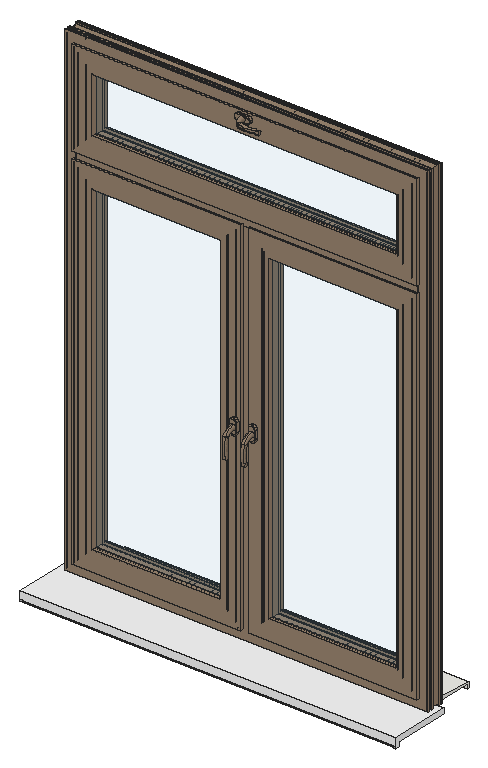
Revit family "5_Окно двухстворчатое с горизонтальным импостом (2 створки внизу)_V72", category Окна, Revit 2019
Family settings
  Основа = Стена
  Номер OmniClass = 23.30.20.17.11
  Заголовок OmniClass = Fixed Windows
  Всегда вертикально = Да
  При загрузке вырезать с полостями = Нет
  Общий = Нет
  Точка расчета площади = Нет
Parameters (values of type "V72")
  Ширина створки прав [instance] = 750.00 mm
  Ширина створки лев [instance] = 750.00 mm
  Width [instance] = 0.00 mm  # constant formula
  Четверть.Ширина [instance] = 65.00 mm
  Четверть.Высота [instance] = 65.00 mm
  Четверть Правая.Видимость [instance] = yes
  Четверть Правая [instance] = if(and(Четверть Правая.Видимость, Четверть), Четверть.Ширина, 0.00 mm)  # 65.00 mm
  Четверть Левая.Видимость [instance] = yes
  Четверть Левая [instance] = if(and(Четверть Левая.Видимость, Четверть), Четверть.Ширина, 0.00 mm)  # 65.00 mm
  Четверть [instance] = yes
  Четверть.Верхняя [instance] = if(Четверть, Четверть.Высота, 0.00 mm)  # 65.00 mm
  Монтажный зазор спереди [instance] = 30.00 mm
  Монтаж.зазор Низ [instance] = 40.00 mm
  Монтажный зазор.Верх [instance] = 25.00 mm
  VIDNAL_Ширина проема [instance] = ADSK_Ширина рамы + Монтажный зазор.Правый + Монтажный зазор.Левый  # 1550.00 mm
  VIDNAL_Цвет конструкции = ""
  VIDNAL_Фурнитура [instance] = ""
  VIDNAL_Формула стеклопакета [instance] = ""
  VIDNAL_Толщина стеклопакета [instance] = ""
  VIDNAL_Сопротивление ветровой нагрузке = ""
  VIDNAL_Система профилей [instance] = "V72"  # constant formula
  VIDNAL_Площадь изделия [instance] = ADSK_Ширина рамы * ADSK_Высота рамы  # 3.00 m²
  VIDNAL_Звукоизоляция [instance] = ""
  VIDNAL_Высота проема [instance] = ADSK_Высота рамы + Монтажный зазор.Верх + Монтаж.зазор Низ  # 2065.00 mm
  VIDNAL_Створка высота [instance] = 1500.00 mm
  Глубина профиля [instance] = 72.00 mm
  Rough Width = 0.00 mm  # constant formula
  Rough Height = 0.00 mm  # constant formula
  Подоконник.Видимость [instance] = yes
  Подоконник = АС_Окна_ПВХСветлосерыйМатовый
  Отлив.Видимость [instance] = yes
  Откосы.Глубина [instance] = 150.00 mm
  Описание = "Окно"
  Обозначение = "ГОСТ 21519-2003"
  Наименование = ""
  Монтажный зазор.Правый [instance] = if(Четверть Правая.Видимость, Монтажный зазор.Боковой, 0.00 mm)  # 25.00 mm
  Монтажный зазор.Левый [instance] = if(Четверть Левая.Видимость, Монтажный зазор.Боковой, 0.00 mm)  # 25.00 mm
  Монтажный зазор.Боковой [instance] = 25.00 mm
  Марка проема [instance] = ""
  Model = ""
  Стекло = АС_Стекло
  Рама = Алюминий
  Отлив = АС_Металл_ОкрашенныйБелыйМатовый
  Type Comments = ""
  Assembly Code = ""
  Высота подоконника по умолчанию = 800.00 mm
  Wall Closure = (empty or 0)
  Height [instance] = 0.00 mm  # constant formula
  Аналитическая конструкция = "<Нет>"
  VIDNAL_Возухопроницаемость [instance] = ""
  VIDNAL_Водонепроницаемость [instance] = ""
  VIDNAL_Rприв. профиля со стеклопакетом [instance] = ""
  ADSK_Ширина рамы [instance] = 1500.00 mm
  ADSK_Позиция [instance] = ""
  ADSK_Завод-изготовитель [instance] = "VIDNAL"  # constant formula
  ADSK_Высота рамы [instance] = 2000.00 mm
Reference planes
  plane 1 "ПД": y = -40
  plane 2: z = 0
  plane 3 "Слева": x = -988.1
  plane 4 "Справа": x = 561.9
  plane 5 "Подоконник": z = 800
  plane 6 "ВЕРХ": z = 2865
  plane 7 "Внутренняя": y = -190
  plane 8 "Вставка окна": y = 32
  plane 9 "четверть прав": x = 496.9
  plane 10 "четверть верх": z = 2800
  plane 11 "рама лев": x = -963.1
  plane 12 "рама прав": x = 536.9
  plane 13 "рама верх": z = 2840
  plane 14: y = -240
  plane 15 "Подоконник, отлив": y = 12
  plane 16: y = 190
  plane 17 "отлив прав": y = 220
  plane 18 "TT": y = 62
  plane 19 "ось импоста гор": z = 2392.498
  plane 20 "рама низ": z = 840
  plane 21 "створка лев": x = -925.852
  plane 22: x = -228.35
  plane 23 "низ створки ниж": z = 877.248
  plane 24 "верх створки ниж": z = 2377.248
  plane 25: x = -197.85
  plane 26 "створка прав": x = 499.652
  plane 27 "низ створки верхней": z = 2407.748
  plane 28 "верх створки верхн": z = 2802.752
  plane 29 "четверть левая": x = -923.1
  plane 30 "уровень отлива": z = 820
  plane 31 "осевая": x = -213.1
Forms (mm)
  Extrusion 1, void, detail levels medium+fine
    sketch origin (0, 62, 0) x (0, 0, 1) y (-1, 0, 0)
      loop
        line (2865, -561.9) -> (2865, 988.1) -> (800, 988.1) -> (800, -561.9) -> (2865, -561.9)
    from 0 to 1000
  Extrusion 2, void
    sketch origin (0, 32, 0) x (0, 0, -1) y (-1, 0, 0)
      loop
        line (-2800, -496.9) -> (-800, -496.9) -> (-800, 923.1) -> (-2800, 923.1) -> (-2800, -496.9)
    from -100 to 500
  Sweep 3, solid, material "Алюминий" <- "Рама"
    path origin (0, 32, -30) x (0, 0, -1) y (-1, 0, 0)
      loop
        line (-2870, 963.1) -> (-2870, -536.9) -> (-870, -536.9) -> (-870, 963.1) -> (-2870, 963.1)
    profile "Профиль рамы V72 (R19) : Профиль рамы V72 (R19)" origin (-963.1, 32, 1840) x (-1, 0, 0) y (0, 1, 0)
      loop
        line (-37.021, -25.058) -> (-7.134, -25.058) -> (-7.134, -14) -> (-37.021, -14) -> (-37.021, -25.058)
      loop
        line (-37.021, -48) -> (-7.134, -48) -> (-7.134, -39.591) -> (-37.021, -39.591) -> (-37.021, -48)
      loop
        line (-37.021, -38.383) -> (-7.134, -38.383) -> (-7.134, -26.243) -> (-37.021, -26.243) -> (-37.021, -38.383)
      loop
        line (-7, -12.3) -> (-7, -1.5) -> (-37.498, -1.5) -> (-37.498, -12.3) -> (-7, -12.3)
      loop
        line (-6.748, -70.25) -> (-6.748, -49.75) -> (-37.248, -49.75) -> (-37.248, -70.25) -> (-6.748, -70.25)
      loop
        line (0.002, -72) -> (0.002, -67.879) -> (-1.998, -67.879) -> (-1.998, -70.25) -> (-4.998, -70.25) -> (-4.998, -52) -> (-1.998, -52) -> (-1.998, -53.5) -> (0.002, -53.5) -> (0.002, -48) -> (-1.998, -48) -> (-1.998, -50.25) -> (-4.996, -50.25) -> (-4.996, -13.988) -> (-1.997, -14) -> (-1.997, -15.5) -> (0.003, -15.5) -> (0.003, -11.5) -> (-1.497, -11.5) -> (-1.497, -12.5) -> (-5, -12.5) -> (-5, -1.5) -> (-1.5, -1.5) -> (-1.5, -2.5) -> (0, -2.5) -> (0, 0) -> (-65.998, 0) -> (-65.998, -4.2) -> (-58.998, -4.2) -> (-58.998, -1.5) -> (-38.998, -1.5) -> (-38.998, -12.5) -> (-41.998, -12.5) -> (-41.998, -10.908) -> (-43.998, -10.908) -> (-43.998, -15.5) -> (-41.998, -15.5) -> (-41.998, -14) -> (-38.998, -14) -> (-38.998, -50.25) -> (-41.998, -50.25) -> (-41.998, -48.52) -> (-43.998, -48.5) -> (-43.998, -53.5) -> (-41.998, -53.5) -> (-41.998, -52) -> (-38.998, -52) -> (-38.998, -70.25) -> (-41.998, -70.25) -> (-41.998, -67.978) -> (-43.998, -67.978) -> (-43.998, -72) -> (0.002, -72)
  Sweep 4, solid, material "Алюминий" <- "Рама"
    path origin (125, 32, 0) x (0, 0, -1) y (-1, 0, 0)
      loop
        line (-2370.498, 338.1) -> (-883.998, 338.1)
    profile "Профиль импоста : Профиль импоста" origin (-213.1, 32, 1627.248) x (-1, 0, 0) y (0, 1, 0)
      loop
        line (-15.25, -10) -> (-15.25, -48) -> (15.25, -48) -> (15.25, -10) -> (-15.25, -10)
      loop
        line (-15.25, -49.75) -> (-15.25, -70.25) -> (15.25, -70.25) -> (15.25, -49.75) -> (-15.25, -49.75)
      loop
        line (-15.25, -1.75) -> (-15.25, -8.25) -> (15.25, -8.25) -> (15.25, -1.75) -> (-15.25, -1.75)
      loop
        line (-44, 0) -> (-44, -4.2) -> (-35.5, -4.2) -> (-35.5, -1.5) -> (-17, -1.5) -> (-17, -8.5) -> (-20, -8.5) -> (-20, -7.5) -> (-22, -7.5) -> (-22, -11.5) -> (-20, -11.5) -> (-20, -10) -> (-17, -10) -> (-17, -14.231) -> (-20.5, -14.231) -> (-20.5, -18.313) -> (-18.5, -18.313) -> (-18.5, -16.063) -> (-17, -16.063) -> (-17, -33.174) -> (-18.5, -33.174) -> (-18.5, -30.924) -> (-20.5, -30.924) -> (-20.5, -35.006) -> (-17, -35.006) -> (-17, -50.25) -> (-20, -50.25) -> (-20, -48) -> (-22, -48) -> (-22, -54.8) -> (-20, -54.8) -> (-20, -52.31) -> (-17, -52.31) -> (-17, -70.25) -> (-20, -70.25) -> (-20, -66.8) -> (-22, -66.8) -> (-22, -72) -> (22, -72) -> (22, -66.8) -> (20, -66.8) -> (20, -70.25) -> (17, -70.25) -> (17, -52.31) -> (20, -52.31) -> (20, -54.8) -> (22, -54.8) -> (22, -48) -> (20, -48) -> (20, -50.25) -> (17, -50.25) -> (17, -35.006) -> (20.5, -35.006) -> (20.5, -30.924) -> (18.5, -30.924) -> (18.5, -33.174) -> (17, -33.174) -> (17, -16.063) -> (18.5, -16.063) -> (18.5, -18.313) -> (20.5, -18.313) -> (20.5, -14.231) -> (17, -14.231) -> (17, -10) -> (20, -10) -> (20, -11.5) -> (22, -11.5) -> (22, -7.5) -> (20, -7.5) -> (20, -8.5) -> (17, -8.5) -> (17, -1.5) -> (35.5, -1.5) -> (35.5, -4.2) -> (44, -4.2) -> (44, 0) -> (-44, 0)
  Sweep 5, solid, material "Алюминий" <- "Рама"
    path origin (0, 32, 0) x (0, 0, -1) y (-1, 0, 0)
      loop
        line (-2392.498, 919.102) -> (-2392.498, -492.902)
    profile "Профиль импоста : Профиль импоста" origin (-213.1, 32, 2392.498) x (0, 0, -1) y (0, 1, 0)
      loop
        line (-15.25, -10) -> (-15.25, -48) -> (15.25, -48) -> (15.25, -10) -> (-15.25, -10)
      loop
        line (-15.25, -49.75) -> (-15.25, -70.25) -> (15.25, -70.25) -> (15.25, -49.75) -> (-15.25, -49.75)
      loop
        line (-15.25, -1.75) -> (-15.25, -8.25) -> (15.25, -8.25) -> (15.25, -1.75) -> (-15.25, -1.75)
      loop
        line (-44, 0) -> (-44, -4.2) -> (-35.5, -4.2) -> (-35.5, -1.5) -> (-17, -1.5) -> (-17, -8.5) -> (-20, -8.5) -> (-20, -7.5) -> (-22, -7.5) -> (-22, -11.5) -> (-20, -11.5) -> (-20, -10) -> (-17, -10) -> (-17, -14.231) -> (-20.5, -14.231) -> (-20.5, -18.313) -> (-18.5, -18.313) -> (-18.5, -16.063) -> (-17, -16.063) -> (-17, -33.174) -> (-18.5, -33.174) -> (-18.5, -30.924) -> (-20.5, -30.924) -> (-20.5, -35.006) -> (-17, -35.006) -> (-17, -50.25) -> (-20, -50.25) -> (-20, -48) -> (-22, -48) -> (-22, -54.8) -> (-20, -54.8) -> (-20, -52.31) -> (-17, -52.31) -> (-17, -70.25) -> (-20, -70.25) -> (-20, -66.8) -> (-22, -66.8) -> (-22, -72) -> (22, -72) -> (22, -66.8) -> (20, -66.8) -> (20, -70.25) -> (17, -70.25) -> (17, -52.31) -> (20, -52.31) -> (20, -54.8) -> (22, -54.8) -> (22, -48) -> (20, -48) -> (20, -50.25) -> (17, -50.25) -> (17, -35.006) -> (20.5, -35.006) -> (20.5, -30.924) -> (18.5, -30.924) -> (18.5, -33.174) -> (17, -33.174) -> (17, -16.063) -> (18.5, -16.063) -> (18.5, -18.313) -> (20.5, -18.313) -> (20.5, -14.231) -> (17, -14.231) -> (17, -10) -> (20, -10) -> (20, -11.5) -> (22, -11.5) -> (22, -7.5) -> (20, -7.5) -> (20, -8.5) -> (17, -8.5) -> (17, -1.5) -> (35.5, -1.5) -> (35.5, -4.2) -> (44, -4.2) -> (44, 0) -> (-44, 0)
  Extrusion 6, solid, material "АС_Окна_ПВХСветлосерыйМатовый" <- "Подоконник", visible <- "Подоконник.Видимость"
    sketch origin (906.9, -410, 45) x (0, 0, 1) y (0, -1, 0)
      loop
        line (795, -422) -> (795, -170) -> (762, -170)
        arc (762, -170) -> (757.05, -172.05) -> (755, -177) r 7
        line (755, -177) -> (755, -188.375) -> (775, -188.375) -> (775, -422) -> (795, -422)
    from -345 to -1895
  Extrusion 7, solid, material "АС_Металл_ОкрашенныйБелыйМатовый" <- "Отлив", visible <- "Отлив.Видимость"
    sketch origin (-918.1, 42.774, 211.776) x (0, 1, 0) y (0, 0, 1)
      loop
        line (-30.774, 608.224) -> (172.226, 608.224) -> (172.226, 588.224) -> (177.226, 588.224) -> (177.226, 611.937) -> (-30.774, 625.05) -> (-30.774, 608.224)
    from -5 to 1415
Cuts and joins
  joined: Sweep 3, Sweep 4
Lines and regions (mm)
  Masking region 1
    outline origin (0, 0, 0) x (1, 0, 0) y (0, 1, 0)
      loop
        line (-988.1, 12) -> (-988.1, -190) -> (561.9, -190) -> (561.9, 12) -> (-988.1, 12)
  symbolic lines, style "WindowsFrameMullionProjection", detail levels fine
    curve 1: line (-163.1, 32, 800) -> (-163.1, -40, 800)
    curve 3: line (-163.1, -40, 840) -> (-163.1, 32, 840)
    curve 5: line (-163.1, 32, 2865) -> (-163.1, -40, 2865)
    curve 7: line (-163.1, -40, 2840) -> (-163.1, 32, 2840)
  symbolic lines, style "WindowsFrameMullionProjection"
    curve 2: line (-163.1, 32, 840) -> (-163.1, 32, 800)
    curve 4: line (-163.1, -40, 800) -> (-163.1, -40, 840)
    curve 6: line (-163.1, 32, 2840) -> (-163.1, 32, 2865)
    curve 8: line (-163.1, -40, 2865) -> (-163.1, -40, 2840)
    curve 11: line (-988.1, 32, 0) -> (-988.1, -40, 0)
    curve 12: line (561.9, 32, 0) -> (561.9, -40, 0)
  symbolic lines, style "WindowsFrameMullionProjection", detail levels coarse
    curve 9: line (561.9, 32, 2865) -> (561.9, 32, 800)
    curve 10: line (561.9, -40, 2865) -> (561.9, -40, 800)
Text (mm)
  text "Наружный" at (-2011.448, 646.123, 0), in view "Линия этажа"
  text "Внутренний" at (-2011.448, -562.523, 0), in view "Линия этажа"
  text "Наружный" at (0, 1108.87, 3415.022), in view "Слева"
  text "Наружный" at (0, 464.664, 3176.206), in view "Справа"
Dimensions and locks
  plane 3 "Слева" to plane 4 "Справа" = 1550.00 mm
  "Монтажный зазор.Правый": plane 12 "рама прав" to plane 4 "Справа"
  plane 5 "Подоконник" to plane 5 "Подоконник" = 0.00 mm
  "Высота подоконника по умолчанию": plane 5 "Подоконник" to plane 2
  "Четверть.Верхняя": plane 10 "четверть верх" to plane 6 "ВЕРХ"
  "ADSK_Ширина рамы": plane 11 "рама лев" to plane 12 "рама прав"
  "Четверть Правая": plane 9 "четверть прав" to plane 4 "Справа"
  "Глубина профиля": plane 8 "Вставка окна" to plane 1 "ПД"
  "Откосы.Глубина": plane 1 "ПД" to plane 7 "Внутренняя"
  locked: plane 14 to plane 7 "Внутренняя" at 50
  "Монтажный зазор.Левый": plane 3 "Слева" to plane 11 "рама лев"
  "Монтажный зазор.Верх": plane 13 "рама верх" to plane 6 "ВЕРХ"
  locked: plane 8 "Вставка окна" to plane 15 "Подоконник, отлив" at 20
  plane 18 "TT" to plane 8 "Вставка окна" = 30.00 mm
  "Монтаж.зазор Низ": plane 20 "рама низ" to plane 5 "Подоконник"
  locked: plane 11 "рама лев" to plane 21 "створка лев" at 37.248
  "VIDNAL_Створка высота": plane 24 "верх створки ниж" to plane 23 "низ створки ниж"
  locked: plane 23 "низ створки ниж" to plane 20 "рама низ" at 37.248
  locked: plane 19 "ось импоста гор" to plane 24 "верх створки ниж" at 15.25
  locked: plane 26 "створка прав" to plane 12 "рама прав" at 37.248
  "ADSK_Высота рамы": plane 13 "рама верх" to plane 20 "рама низ"
  plane 27 "низ створки верхней" to plane 19 "ось импоста гор" = 15.25 mm
  locked: plane 13 "рама верх" to plane 28 "верх створки верхн" at 37.248
  "Четверть Левая": plane 3 "Слева" to plane 29 "четверть левая"
  "Монтажный зазор спереди": plane 8 "Вставка окна" to plane 18 "TT"
  locked: plane 20 "рама низ" to plane 30 "уровень отлива" at 20
  Extrusion 6 sketch curve to Extrusion 6 sketch curve = 40.00 mm
  Extrusion 6 sketch curve to Extrusion 6 sketch curve = 20.00 mm
  plane 16 to plane 17 "отлив прав" = 30.00 mm
  locked: Extrusion 7 to Extrusion 7 at 5
  "Ширина створки лев": plane 11 "рама лев" to plane 31 "осевая"
  "Ширина створки прав": plane 31 "осевая" to plane 12 "рама прав"
  plane 22 to plane 31 "осевая" = 15.25 mm
  plane 31 "осевая" to plane 25 = 15.25 mm
  aligned and locked: plane 7 "Внутренняя" to host wall
  aligned and locked: plane 9 "четверть прав" to Extrusion 2 sketch curve
  aligned and locked: Extrusion 2 sketch curve to plane 10 "четверть верх"
  aligned and locked: plane 5 "Подоконник" to Extrusion 2 sketch curve
  aligned: Extrusion 2 sketch curve to plane 3 "Слева"
  aligned and locked: curve 1 to plane 5 "Подоконник"
  aligned and locked: curve 2 to plane 8 "Вставка окна"
  aligned and locked: curve 4 to plane 1 "ПД"
  aligned and locked: curve 5 to plane 6 "ВЕРХ"
  aligned and locked: plane 8 "Вставка окна" to curve 6
  aligned and locked: curve 7 to plane 13 "рама верх"
  aligned and locked: plane 1 "ПД" to curve 8
  aligned and locked: plane 4 "Справа" to curve 12
  aligned and locked: level to plane 2
  aligned and locked: plane 12 "рама прав" to Sweep 3 sketch curve
  aligned and locked: plane 11 "рама лев" to Sweep 3 sketch curve
  aligned and locked: Masking region 1 sketch curve to plane 3 "Слева"
  aligned and locked: plane 7 "Внутренняя" to Masking region 1 sketch curve
  aligned and locked: plane 4 "Справа" to Masking region 1 sketch curve
  aligned and locked: Sweep 5 sketch curve to plane 19 "ось импоста гор"
  aligned and locked: nested 1 to plane 8 "Вставка окна"
  aligned and locked: plane 13 "рама верх" to Sweep 3 sketch curve
  aligned and locked: Sweep 3 sketch curve to plane 20 "рама низ"
  aligned and locked: plane 8 "Вставка окна" to nested 2
  aligned and locked: nested 3 to plane 8 "Вставка окна"
  aligned and locked: plane 29 "четверть левая" to Extrusion 2 sketch curve
  aligned and locked: plane 15 "Подоконник, отлив" to Masking region 1 sketch curve
  aligned and locked: Extrusion 6 to plane 15 "Подоконник, отлив"
  aligned and locked: Extrusion 6 to plane 14
  aligned and locked: Extrusion 6 to plane 4 "Справа"
  aligned and locked: plane 3 "Слева" to Extrusion 6
  aligned and locked: plane 17 "отлив прав" to Extrusion 7
  aligned and locked: plane 15 "Подоконник, отлив" to Extrusion 7
  aligned and locked: plane 29 "четверть левая" to Extrusion 7
  aligned and locked: Extrusion 7 to plane 9 "четверть прав"
  aligned and locked: cut or joined group of Sweep 3, Sweep 4 to Sweep 5 sketch curve  (x2)
  aligned and locked: nested 3 to Sweep 5
  aligned and locked: cut or joined group of Sweep 3, Sweep 4 to Sweep 4 sketch curve
  aligned and locked: nested 2 to cut or joined group of Sweep 3, Sweep 4  (x2)
  aligned and locked: plane 23 "низ створки ниж" to nested 2
  aligned and locked: nested 1 to plane 23 "низ створки ниж"
  aligned and locked: plane 28 "верх створки верхн" to nested 3
  aligned and locked: nested 3 to nested 3  (x2)
  aligned and locked: Sweep 4 sketch curve to plane 31 "осевая"
  aligned and locked: plane 24 "верх створки ниж" to nested 2
  aligned and locked: plane 24 "верх створки ниж" to nested 1
  aligned and locked: plane 27 "низ створки верхней" to nested 3
  aligned and locked: nested 3 to plane 27 "низ створки верхней"
  aligned and locked: Sweep 5 to Sweep 4 sketch curve
  aligned and locked: plane 1 "ПД" to cut or joined group of Sweep 3, Sweep 4
  aligned and locked: nested 3 to cut or joined group of Sweep 3, Sweep 4
  aligned and locked: nested 1 to cut or joined group of Sweep 3, Sweep 4  (x2)
  aligned and locked: plane 26 "створка прав" to nested 3
  aligned and locked: plane 25 to nested 2
  aligned and locked: plane 22 to nested 1
  aligned and locked: plane 21 "створка лев" to nested 3
Automatic sketch dimensions
  plane 4 "Справа" to Extrusion 1 sketch curve = 0.00 mm
  Extrusion 1 sketch curve to plane 5 "Подоконник" = 0.00 mm
  Extrusion 1 sketch curve to plane 6 "ВЕРХ" = 0.00 mm
  plane 3 "Слева" to Extrusion 1 sketch curve = 0.00 mm
  plane 1 "ПД" to curve 11 = 0.00 mm
  curve 11 to plane 3 "Слева" = 0.00 mm
  plane 1 "ПД" to curve 12 = 0.00 mm
  curve 12 to plane 8 "Вставка окна" = 0.00 mm
  curve 11 to plane 8 "Вставка окна" = 0.00 mm
  curve 6 to plane 8 "Вставка окна" = 0.00 mm
  curve 3 to plane 20 "рама низ" = 0.00 mm
  plane 5 "Подоконник" to curve 9 = 0.00 mm
  curve 9 to plane 8 "Вставка окна" = 0.00 mm
  curve 10 to plane 1 "ПД" = 0.00 mm
  plane 5 "Подоконник" to curve 10 = 0.00 mm
  plane 6 "ВЕРХ" to curve 10 = 0.00 mm
  plane 6 "ВЕРХ" to curve 9 = 0.00 mm
  plane 5 "Подоконник" to Extrusion 6 sketch curve = 0.00 mm
  Extrusion 6 sketch curve to plane 14 = 0.00 mm
  Extrusion 6 sketch curve to plane 15 "Подоконник, отлив" = 0.00 mm
  Extrusion 6 sketch curve to plane 5 "Подоконник" = 7.00 mm
  Extrusion 6 sketch curve to Extrusion 6 sketch curve = 11.375 mm
  Extrusion 7 sketch curve to plane 15 "Подоконник, отлив" = 0.00 mm
  Extrusion 7 sketch curve to plane 5 "Подоконник" = 20.00 mm
  plane 17 "отлив прав" to Extrusion 7 sketch curve = 5.00 mm
  Extrusion 7 sketch curve to plane 17 "отлив прав" = 0.00 mm
  Extrusion 7 sketch curve to Extrusion 7 sketch curve = 20.00 mm
  Extrusion 7 sketch curve to plane 5 "Подоконник" = 23.713 mm
  plane 30 "уровень отлива" to Extrusion 7 sketch curve = 16.826 mm
Nested families
  nested 1: "СТВОРКА V72" at (-925.852, 32, 877.248), type "Поворотно-откидная лево"
    with Створка.Ширина 697.502 mm, Створка.Высота 1500.00 mm
  nested 2: "СТВОРКА V72" at (-197.85, 32, 877.248), type "Поворотно-откидная право"
    with Створка.Ширина 697.502 mm, Створка.Высота 1500.00 mm
  nested 3: "СТВОРКА V72" at (-925.852, 32, 2407.748), type "Фрамуга с верхним откидыванием"
    with Створка.Ширина 1425.505 mm, Створка.Высота 395.005 mm
Definition of nested family "СТВОРКА V72"
  Parameters (values of type "Поворотно-откидная право")
    отк нз = no
    отк лев = no
    отк ввер = yes
    от пр = yes
    Стекло = none
    Створка.Ширина [instance] = 600.00 mm
    Створка.Высота [instance] = 900.00 mm
    Створка VIDNAL = none
    Ручка.Справа = no
    Ручка.Снизу = no
    Ручка.Слева = yes
    Ручка.Сверху = no
    Открытие = not(Глухая)  # yes
    Глухая = no
    Габариты заполнения = 0.00 mm
    Analytic Construction = "<Нет>"
  Types (7, lengths in mm): name | отк нз | отк лев | отк ввер | от пр | Ручка.Справа | Ручка.Снизу | Ручка.Слева | Ручка.Сверху | Открытие | Глухая
    Глухая | no | no | no | no | no | no | no | no | no | yes
    Поворотная право | no | no | no | yes | no | no | yes | no | yes | no
    Поворотная лево | no | yes | no | no | yes | no | no | no | yes | no
    Поворотно-откидная лево | no | yes | yes | no | yes | no | no | no | yes | no
    Поворотно-откидная право | no | no | yes | yes | no | no | yes | no | yes | no
    Фрамуга с нижним откидыванием | yes | no | no | no | no | yes | no | no | yes | no
    Фрамуга с верхним откидыванием | no | no | yes | no | no | no | no | yes | yes | no
  Reference planes
    plane 1 "Center (Front/Back)": y = 0
    plane 2 "Bottom": z = 0
    plane 3 "Left": x = 0
    plane 4 "Right": x = 600
    plane 5 "Top": z = 900
    plane 6: z = 450
    plane 7: x = 300
    plane 8: x = 0
    plane 9: x = 600
    plane 10: y = -17.2
    plane 11: y = -57.2
    plane 12: z = 900
    plane 13: z = 0
    plane 14: y = -81
    plane 15: y = -17.2
  Forms (mm)
    Extrusion 1, solid, material <- "Стекло"
      sketch origin (160, -17.2, 825.5) x (0, 0, -1) y (-1, 0, 0)
        loop
          line (825.5, 160) -> (-74.5, 160) -> (-74.5, -440) -> (825.5, -440) -> (825.5, 160)
      from -40 to 0
    Sweep 2, solid, material <- "Створка VIDNAL", visible <- "Открытие"
      path origin (0, 0, 0) x (1, 0, 0) y (0, 0, 1)
        loop
          line (0, 900) -> (0, 0) -> (600, 0) -> (600, 900) -> (0, 900)
      profile "Профиль створки V72 : Профиль створки V72" origin (300, 0, 900) x (0, 0, 1) y (0, -1, 0)
        loop
          line (-27.1, 14.3) -> (-57.6, 14.3) -> (-57.6, 1.5) -> (-37, 1.5) -> (-37, 7) -> (-27.1, 7) -> (-27.1, 14.3)
        loop
          line (-57.508, 23.909) -> (-57.508, 16) -> (-31.105, 16) -> (-31.105, 23.909) -> (-57.508, 23.909)
        loop
          line (-57.508, 26.549) -> (-31.105, 26.549) -> (-31.105, 36.954) -> (-57.508, 36.954) -> (-57.508, 26.549)
        loop
          line (-57.514, 39.773) -> (-31.105, 39.773) -> (-31.105, 50) -> (-57.514, 50) -> (-57.514, 39.773)
        loop
          line (-56, 79.25) -> (-59, 79.25) -> (-59, 76.151) -> (-62.7, 76.151) -> (-62.7, 79.6) -> (-81.6, 79.6) -> (-81.6, 65.6) -> (-76, 65.6) -> (-66, 63.8) -> (-59, 63.8) -> (-59, 59) -> (-56, 59) -> (-56, 79.25)
        loop
          line (-18.843, 32.487) -> (-29.504, 32.487) -> (-29.504, 24.689) -> (-18.843, 24.689) -> (-18.843, 32.487)
        loop
          line (-18.87, 44.01) -> (-29.504, 44.01) -> (-29.504, 33.802) -> (-18.87, 33.802) -> (-18.87, 44.01)
        loop
          line (-23.75, 79.25) -> (-54.25, 79.25) -> (-54.25, 58.75) -> (-51.75, 58.75) -> (-51.75, 57) -> (-57.75, 57) -> (-57.75, 51.75) -> (-23.75, 51.75) -> (-23.75, 57) -> (-25.75, 57) -> (-25.75, 58.75) -> (-23.75, 58.75) -> (-23.75, 79.25)
        loop
          line (-3.5, 76.8) -> (-3.5, 72) -> (0, 72) -> (0, 76.8) -> (0, 81) -> (-1, 81) -> (-83.302, 81) -> (-83.302, 61.361) -> (-76, 61.21) -> (-76, 64.381) -> (-66.107, 62.5) -> (-61, 62.5) -> (-61, 57) -> (-59.5, 57) -> (-59.5, 1.5) -> (-75, 1.5) -> (-81.5, 8) -> (-81.5, 13.054) -> (-74.5, 13.054) -> (-74.5, 17.2) -> (-83, 17.2) -> (-83, 7) -> (-76, 0) -> (-35.5, 0) -> (-35.5, 5.5) -> (-28, 5.5) -> (-28, 4.195) -> (-21, 4.195) -> (-21, 5.5) -> (-25.5, 5.5) -> (-25.5, 23.5) -> (-17.5, 23.5) -> (-17.5, 45.156) -> (-25.2, 45.156) -> (-25.2, 50) -> (-17.5, 50) -> (-17.5, 54.5) -> (-19, 54.5) -> (-19, 52) -> (-22, 52) -> (-22, 72) -> (-19, 72) -> (-19, 69.5) -> (-17.5, 69.5) -> (-17.5, 74) -> (-22, 74) -> (-22, 79.25) -> (-7, 79.25) -> (-7, 76.8) -> (-3.5, 76.8)
  Lines and regions (mm)
    symbolic lines, visible <- "Глухая"
      curve 1: line (300, 0, 500) -> (300, 0, 400)
      curve 2: line (250, 0, 450) -> (350, 0, 450)
    symbolic lines, visible <- "от пр"
      curve 3: line (583, -75, 883) -> (17, -75, 450)
      curve 4: line (17, -75, 450) -> (583, -75, 17)
    symbolic lines, visible <- "отк лев"
      curve 5: line (17, -75, 17) -> (583, -75, 450)
      curve 6: line (583, -75, 450) -> (17, -75, 883)
    symbolic lines, visible <- "отк ввер"
      curve 7: line (17, -75, 17) -> (300, -75, 883)
      curve 8: line (300, -75, 883) -> (583, -75, 17)
    symbolic lines, visible <- "отк нз"
      curve 9: line (17, -75, 883) -> (300, -75, 17)
      curve 10: line (300, -75, 17) -> (583, -75, 883)
  Dimensions and locks
    "Створка.Ширина": plane 4 "Right" to plane 3 "Left"
    "Створка.Высота": plane 5 "Top" to plane 2 "Bottom"
    equal spacing: plane 3 "Left", curve 1, plane 4 "Right"
    equal spacing: plane 5 "Top", curve 2, plane 2 "Bottom"
    curve 1 to curve 2 to curve 1 = 50.00 mm locked, 50.00 mm locked
    curve 2 to curve 1 to curve 2 = 50.00 mm locked, 50.00 mm locked
    equal spacing: plane 5 "Top", plane 6, plane 2 "Bottom"
    equal spacing: plane 4 "Right", plane 7, plane 3 "Left"
    locked: plane 5 "Top" to nested 1 at 23
    "Габариты заполнения": plane 3 "Left" to plane 8
    "Габариты заполнения": plane 9 to plane 4 "Right"
    "Габариты заполнения": plane 13 to plane 2 "Bottom"
    "Габариты заполнения": plane 5 "Top" to plane 12
    locked: nested 4 to plane 2 "Bottom" at 23
    locked: nested 3 to plane 4 "Right" at 23
    locked: plane 3 "Left" to nested 2 at 23
    plane 15 to Extrusion 1 = 40.00 mm
    aligned and locked: level to plane 2 "Bottom"
    aligned and locked: plane 6 to curve 4
    aligned and locked: plane 6 to curve 6
    aligned and locked: plane 7 to curve 8
    aligned and locked: plane 7 to curve 10
    aligned and locked: plane 3 "Left" to Sweep 2 sketch curve
    aligned and locked: plane 4 "Right" to Sweep 2 sketch curve
    aligned and locked: Extrusion 1 to plane 8
    aligned and locked: Extrusion 1 to plane 10
    aligned and locked: Extrusion 1 to plane 11
    aligned and locked: nested 1 to plane 7
    aligned and locked: plane 9 to Extrusion 1
    aligned and locked: plane 12 to Extrusion 1
    aligned and locked: nested 3 to plane 6
    aligned and locked: nested 2 to plane 6
    aligned and locked: plane 7 to nested 4
    aligned and locked: plane 2 "Bottom" to Extrusion 1
    aligned and locked: Sweep 2 sketch curve to plane 12
    aligned and locked: Sweep 2 sketch curve to Extrusion 1
  Automatic sketch dimensions
    plane 8 to curve 6 = 17.00 mm
    plane 8 to curve 5 = 17.00 mm
    plane 8 to curve 4 = 17.00 mm
    curve 8 to plane 9 = 17.00 mm
    curve 5 to plane 9 = 17.00 mm
    curve 3 to plane 9 = 17.00 mm
    plane 13 to curve 10 = 17.00 mm
    plane 13 to curve 5 = 17.00 mm
    plane 13 to curve 4 = 17.00 mm
    curve 8 to plane 12 = 17.00 mm
    curve 9 to plane 12 = 17.00 mm
    curve 3 to plane 12 = 17.00 mm
    Extrusion 1 sketch curve to plane 3 "Left" = 0.00 mm
    Extrusion 1 sketch curve to plane 5 "Top" = 0.00 mm
    level to Extrusion 1 sketch curve = 0.00 mm
    plane 4 "Right" to Extrusion 1 sketch curve = 0.00 mm
  Nested families
    nested 1: "Ручка" at (300, -81, 877) x (1, 0, 0) z (0, -1, 0), visible <- "Ручка.Сверху", type "Ручка"
    nested 2: "Ручка" at (23, -81, 450) x (0, 0, -1) z (0, -1, 0), visible <- "Ручка.Слева", type "Ручка"
    nested 3: "Ручка" at (577, -81, 450) x (0, 0, -1) z (0, -1, 0), visible <- "Ручка.Справа", type "Ручка"
    nested 4: "Ручка" at (300, -81, 23) x (1, 0, 0) z (0, -1, 0), visible <- "Ручка.Снизу", type "Ручка"
  Definition of nested family "Ручка"
    Parameters (values of type "Ручка")
      Default Elevation = 1219.20 mm
      Ручка = none
      Analytic Construction = "<None>"
    Reference planes
      plane 1 "По центру (Вперед/Назад)": y = 0
      plane 2: z = 0
      plane 3 "По центру (Влево/Вправо)": x = 0
    Forms (mm)
      Extrusion 1, solid
        sketch origin (0, 0, 0) x (1, 0, 0) y (0, 1, 0)
          loop
            line (-1219.2, 1219.2) -> (-1219.2, -1219.2) -> (1219.2, -1219.2) -> (1219.2, 1219.2) -> (-1219.2, 1219.2)
        from 0 to -304.8
      Extrusion 2, solid, material <- "Ручка"
        sketch origin (0, 0, 0) x (1, 0, 0) y (0, 1, 0)
          loop
            arc (-18, 14) -> (-32, 0) -> (-18, -14) r 14
            line (-18, -14) -> (18, -14)
            arc (18, -14) -> (32, 0) -> (18, 14) r 14
            line (18, 14) -> (-18, 14)
        from 2 to 10
      SweptBlend 3, solid, material <- "Ручка"
        path origin (0, 0, 0) x (1, 0, 0) y (0, 0, 1)
          loop
            arc (20.682, 50.862) -> (5.492, 34.011) -> (0, 12) r 46.852
        profile origin (20.682, 0, 50.862) x (0.558567, 0, -0.829459) y (0, -1, 0)
          loop
            line (-6, 5.292) -> (-6, -5.292)
            arc (-6, -5.292) -> (8, 0) -> (-6, 5.292) r 8
        end profile origin (0, 0, 12) x (0, -1, 0) y (1, 0, 0)
          loop
            arc (4.359, -9) -> (0, 10) -> (-4.359, -9) r 10
            line (-4.359, -9) -> (4.359, -9)
      Blend 4, solid, material <- "Ручка"
        base sketch origin (0, 0, 10) x (1, 0, 0) y (0, 1, 0)
          loop
            line (-18, -14) -> (18, -14)
            arc (18, -14) -> (32, 0) -> (18, 14) r 14
            line (18, 14) -> (-18, 14)
            arc (-18, 14) -> (-32, 0) -> (-18, -14) r 14
        top sketch origin (0, 0, 10) x (1, 0, 0) y (0, 1, 0)
          loop
            line (-18, -12) -> (18, -12)
            arc (18, -12) -> (30, 0) -> (18, 12) r 12
            line (18, 12) -> (-18, 12)
            arc (-18, 12) -> (-30, 0) -> (-18, -12) r 12
        from 0 to 2
      Blend 5, solid, material <- "Ручка"
        base sketch origin (0, 0, 2) x (1, 0, 0) y (0, 1, 0)
          loop
            line (-18, -14) -> (18, -14)
            arc (18, -14) -> (32, 0) -> (18, 14) r 14
            line (18, 14) -> (-18, 14)
            arc (-18, 14) -> (-32, 0) -> (-18, -14) r 14
        top sketch origin (0, 0, 2) x (1, 0, 0) y (0, 1, 0)
          loop
            line (-18, -12) -> (18, -12)
            arc (18, -12) -> (30, 0) -> (18, 12) r 12
            line (18, 12) -> (-18, 12)
            arc (-18, 12) -> (-30, 0) -> (-18, -12) r 12
        from 0 to -2
      SweptBlend 6, solid, material <- "Ручка"
        path origin (61.806, 0, 18.443) x (1, 0, 0) y (0, 0, 1)
          loop
            arc (-43.225, 31.526) -> (-2.327, 35.833) -> (38.57, 31.526) r 196.318
        profile origin (18.581, 0, 49.97) x (-0.208324, 0, 0.97806) y (0, -1, 0)
          loop
            line (6, -5.292) -> (6, 5.292)
            arc (6, 5.292) -> (-8, 0) -> (6, -5.292) r 8
        end profile origin (100.377, 0, 49.97) x (0.208324, 0, 0.97806) y (0, -1, 0)
          loop
            line (6, -5.292) -> (6, 5.292)
            arc (6, 5.292) -> (-8, 0) -> (6, -5.292) r 8
    Cuts and joins
      joined: Extrusion 2, Blend 4, Blend 5, SweptBlend 6
    Lines and regions (mm)
      symbolic lines
        curve 1: line (-32, 0, 0) -> (32, 0, 0)
        curve 2: line (0, 14, 0) -> (0, -14, 0)
        curve 3: line (-32, 0, 0) -> (32, 0, 0)
    Dimensions and locks
      aligned and locked: plane 2 to Extrusion 1
      aligned and locked: level to Extrusion 1
